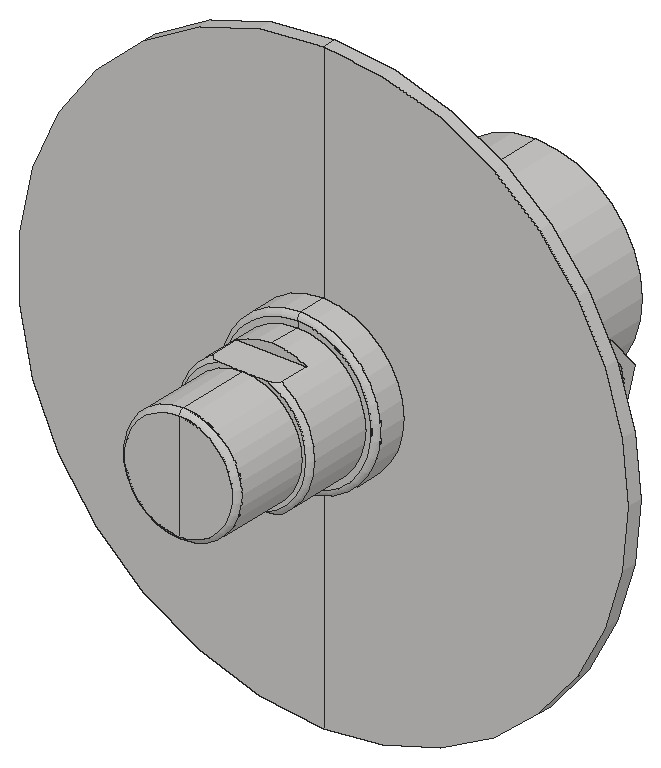
Revit family "TFC749128", category Plumbing Fixtures, Revit 2015
Parameters (values of type "TFC749128")
  Waste Connection = no
  Vent Connection = no
  URL = "http://www.yepsketch.com"
  Placement Height = 300 mm
  Model = "TFC749128"  # constant formula
  Manufacturer = "Enware"  # constant formula
  HW Connection = no
  Frame Material = Stainless Steel
  Description = "TF RECESS SHOWER CONTROL 30 SEC"  # constant formula
  CWFU = 0.5
  CW Connection = yes
  Author = "Yepsketch"  # constant formula
  Assembly Code = "D2010440"
Reference planes
  plane 1 "Center (Front/Back)": y = 0
  plane 2: z = 0
  plane 3 "Center (Left/Right)": x = 0
  plane 4 "Placement": z = 300
  plane 5: y = -40
  plane 6: y = 25
  plane 7: y = 55
Forms (mm)
  Revolve 1, solid, material "Stainless Steel" <- "Frame Material"
    sketch origin (0, 0, 0) x (0, 1, 0) y (0, 0, 1)
      loop
        line (1.5, 300) -> (-40, 300) -> (-40, 288.5)
        arc (-40, 288.5) -> (-39.495, 287.853) -> (-38.753, 287.5) r 1.787
        line (-38.753, 287.5) -> (-23, 287.5) -> (-23, 286.5)
        arc (-23, 286.5) -> (-22.543, 285.864) -> (-21.849, 285.5) r 1.705
        line (-21.849, 285.5) -> (-8.5, 285.5) -> (-8.5, 284.25)
        arc (-8.5, 284.25) -> (-8.192, 283.485) -> (-7.525, 283) r 1.496
        line (-7.525, 283) -> (-1.5, 283) -> (-1.5, 235) -> (1.5, 235) -> (1.5, 278.5) -> (2.5, 277.5) -> (55, 277.5) -> (55, 300) -> (1.5, 300)
      axis (55, 300) -> (-40, 300)
    angle from 0 to 360
  Extrusion 2, solid, material "Stainless Steel" <- "Frame Material"
    sketch origin (0, 0, 0) x (0, 1, 0) y (0, 0, 1)
      loop
        circle (25, 300) r 6.35
      loop
        line (15.505, 298.326) -> (21.702, 290.94) -> (31.198, 292.614) -> (34.495, 301.674) -> (28.298, 309.06) -> (18.802, 307.386) -> (15.505, 298.326)
    from -37.5 to 37.5
  Extrusion 3, void
    sketch origin (0, 0, 0) x (1, 0, 0) y (0, 0, 1)
      loop
        line (-7.348, 312.5) -> (7.348, 312.5)
        arc (7.348, 312.5) -> (3.808, 313.991) -> (0, 314.5) r 14.5
        arc (0, 314.5) -> (-3.808, 313.991) -> (-7.348, 312.5) r 14.5
    from 15.29 to 23
  Extrusion 4, void
    sketch origin (0, 0, 600) x (1, 0, 0) y (0, 0, 1)
      loop
        arc (-7.348, -312.5) -> (-3.808, -313.991) -> (0, -314.5) r 14.5
        arc (0, -314.5) -> (3.808, -313.991) -> (7.348, -312.5) r 14.5
        line (7.348, -312.5) -> (-7.348, -312.5)
    from 15.29 to 23
Cuts and joins
  Extrusion 3, Extrusion 4 cuts Revolve 1
  Extrusion 4 cuts Extrusion 2
  joined: Revolve 1, Extrusion 2
Dimensions and locks
  "Placement Height": plane 4 "Placement" to level
  plane 1 "Center (Front/Back)" to plane 5 = 40 mm
  plane 6 to plane 5 = 65 mm
  plane 7 to plane 5 = 95 mm
  aligned and locked: level to plane 2
Automatic sketch dimensions
  Extrusion 2 sketch curve to plane 4 "Placement" = 0 mm
  Extrusion 2 sketch curve to plane 6 = 0 mm
  plane 6 to Extrusion 2 sketch curve = 3.298 mm
  plane 6 to Extrusion 2 sketch curve = 6.198 mm
  Extrusion 2 sketch curve to plane 4 "Placement" = 1.674 mm
  plane 6 to Extrusion 2 sketch curve = 9.495 mm
  Extrusion 2 sketch curve to plane 6 = 3.298 mm
  Extrusion 2 sketch curve to plane 6 = 6.198 mm
  plane 4 "Placement" to Extrusion 2 sketch curve = 1.674 mm
  Extrusion 2 sketch curve to plane 6 = 9.495 mm
  Extrusion 2 sketch curve to plane 4 "Placement" = 7.386 mm
  Extrusion 2 sketch curve to plane 4 "Placement" = 9.06 mm
  plane 4 "Placement" to Extrusion 2 sketch curve = 7.386 mm
  plane 4 "Placement" to Extrusion 2 sketch curve = 9.06 mm
  Extrusion 3 sketch curve to Extrusion 3 sketch curve = 0 mm  (x2)
  Extrusion 3 sketch curve to plane 3 "Center (Left/Right)" = 0 mm
  Extrusion 3 sketch curve to plane 4 "Placement" = 0 mm
  Extrusion 3 sketch curve to plane 3 "Center (Left/Right)" = 7.348 mm
  plane 4 "Placement" to Extrusion 3 sketch curve = 12.5 mm
  Extrusion 4 sketch curve to Extrusion 4 sketch curve = 0 mm  (x2)
  Extrusion 4 sketch curve to plane 3 "Center (Left/Right)" = 0 mm
  Extrusion 4 sketch curve to plane 4 "Placement" = 0 mm
  plane 3 "Center (Left/Right)" to Extrusion 4 sketch curve = 7.348 mm
  plane 4 "Placement" to Extrusion 4 sketch curve = 12.5 mm
  Revolve 1 sketch curve to plane 4 "Placement" = 0 mm  (x2)
  Revolve 1 sketch curve to plane 5 = 0 mm
  Revolve 1 sketch curve to plane 7 = 0 mm  (x2)
  plane 5 to Revolve 1 sketch curve = 1.247 mm
  plane 5 to Revolve 1 sketch curve = 1.623 mm
  Revolve 1 sketch curve to Revolve 1 sketch curve = 15.377 mm
  Revolve 1 sketch curve to Revolve 1 sketch curve = 1.151 mm
  Revolve 1 sketch curve to Revolve 1 sketch curve = 1.575 mm
  plane 1 "Center (Front/Back)" to Revolve 1 sketch curve = 8.5 mm
  Revolve 1 sketch curve to Revolve 1 sketch curve = 0.975 mm
  Revolve 1 sketch curve to Revolve 1 sketch curve = 0.512 mm
  plane 1 "Center (Front/Back)" to Revolve 1 sketch curve = 1.5 mm
  Revolve 1 sketch curve to plane 1 "Center (Front/Back)" = 1.5 mm  (x2)
  Revolve 1 sketch curve to Revolve 1 sketch curve = 1 mm  (x2)
  Revolve 1 sketch curve to plane 4 "Placement" = 10.753 mm
  Revolve 1 sketch curve to Revolve 1 sketch curve = 0.747 mm
  Revolve 1 sketch curve to Revolve 1 sketch curve = 0.349 mm
  Revolve 1 sketch curve to Revolve 1 sketch curve = 1.095 mm
  Revolve 1 sketch curve to Revolve 1 sketch curve = 1.25 mm
  Revolve 1 sketch curve to Revolve 1 sketch curve = 4.5 mm
  Revolve 1 sketch curve to plane 4 "Placement" = 22.5 mm
  Revolve 1 sketch curve to Revolve 1 sketch curve = 42.5 mm
  Revolve 1 sketch curve to Revolve 1 sketch curve = 7.289 mm
  radius of Extrusion 2 sketch curve = 6.35 mm
Connectors
  piping at (37.5, 25, 300), diameter 12.7
    settings: on cut or joined group of Revolve 1, Extrusion 2, Extrusion 3, Extrusion 4, index 1, connector inside diameter 609.6 mm, connector length 0 mm, flow factor 0, pipe flow 0.0 L/s, pressure drop 0.0 Pa, fitting loss kfactor 0, connector angle 0.00°, fixture units 0.5, engagement length 0 mm, angle of deflection 0.00°, flow configuration 3, flow direction 1, fitting loss method 0, system type 20, joint type 0, gender type 0, connector reference index 2, connector utility 0, adjustable connector no, is connector primary yes, connector description ""
  piping at (-37.5, 25, 300), diameter 12.7
    settings: on cut or joined group of Revolve 1, Extrusion 2, Extrusion 3, Extrusion 4, index 2, connector inside diameter 609.6 mm, connector length 0 mm, flow factor 0, pipe flow 0.0 L/s, pressure drop 0.0 Pa, fitting loss kfactor 0, connector angle 0.00°, fixture units 0.5, engagement length 0 mm, angle of deflection 0.00°, flow configuration 3, flow direction 1, fitting loss method 0, system type 19, joint type 0, gender type 0, connector reference index 1, connector utility 0, adjustable connector no, is connector primary no, connector description ""
